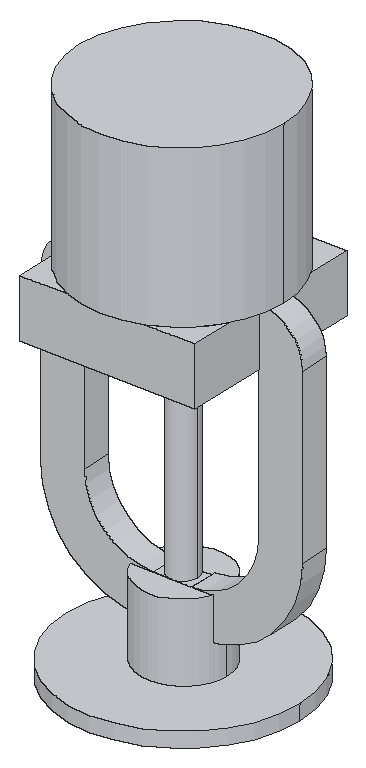
Revit family
Parameters (values of type "RASCO F156 PENDENT")
  Temperature Rating = 135 °F
  Response = (empty or 0)
  RASCO SIN # = "RA1314"
  RASCO Part # = "F56P0C"
  Pressure Rating = "175 PSI"
  Pressure Class = (empty or 0)
  Orifice Size = 1/2"
  Orifice = (empty or 0)
  Model = "F156"
  Manufacturer = "RASCO"
  K-Factor = 5.6
  Description = "Chrome Finish"
  Coverage = (empty or 0)
Reference planes (in)
  plane 1 "Center (Front/Back)": y = 0
  plane 2: z = 0
  plane 3 "Center (Left/Right)": x = 0
Dimensions and locks (in)
  aligned and locked: plane 2 to level
Nested families (in)
  nested 1: "F56P0C" at (-0.0113, 0, 2.4375) x (-1, 0, 0) z (0, 0, -1), type "RASCO F156 PENDENT"
Connectors (in)
  piping at (-0.0113, 0, 2.4375)
    settings: on nested 1, index 1, connector radius 55/128", flow factor 0, pipe flow 0 GPM, pressure drop 0.00 psi, fitting loss kfactor 0, connector angle 0.00°, fixture units 0, flow configuration 0, flow direction 0, fitting loss method 0, system type 7, connector reference index -1, connector utility 0, adjustable connector no, is connector primary yes, fitting loss table "", connector description ""
Definition of nested family "F56P0C"
  Parameters (values of type "RASCO F156 PENDENT")
    Type Comments = ""
    Temperature Rating = 0 °F
    Response = (empty or 0)
    Pressure Rating = "0"
    Pressure Class = (empty or 0)
    Orifice Size = 0"
    Orifice = (empty or 0)
    Model = ""
    Manufacturer = ""
    K-Factor = 0
    Description = ""
    Coverage = (empty or 0)
    Assembly Code = ""
  Reference planes (in)
    plane 1 "Center (Front/Back)": y = 0
    plane 2: z = 0
    plane 3 "ref.2": z = 0.6875
    plane 4 "ref.3": z = 0.9375
    plane 5: x = -0.38065
    plane 6: x = 0.36935
    plane 7 "ref. side 1": y = 0.06402
    plane 8 "ref. side 2": y = -0.06098
    plane 9 "ref.4": z = 1.875
    plane 10 "ref.5": z = 2.3125
    plane 11 "ref.6": z = 2.4375
  Forms (in)
    Extrusion 1, solid
      sketch origin (0, 0, 0) x (1, 0, 0) y (0, 1, 0)
        loop
          circle (0, 0) r 0.4379
      from 0 to 0.6875
    Extrusion 2, solid
      sketch origin (-0.12185, 0.05177, 0.6875) x (1, 0, 0) y (0, 1, 0)
        loop
          line (-0.2588, 0.356) -> (-0.2588, -0.4565) -> (0.4912, -0.4565) -> (0.4912, 0.356) -> (-0.2588, 0.356)
      from 0 to 0.25
    Extrusion 3, solid
      sketch origin (0, 0, 0) x (1, 0, 0) y (0, 0, 1)
        loop
          line (-0.38065, 0.68754) -> (-0.38065, 1.58397)
          arc (-0.38065, 1.58397) -> (-0.29541, 1.78976) -> (-0.08962, 1.875) r 0.29103
          line (-0.08962, 1.875) -> (0.07524, 1.875)
          arc (0.07524, 1.875) -> (0.28321, 1.78886) -> (0.36935, 1.58089) r 0.29411
          line (0.36935, 1.58089) -> (0.36935, 0.68751)
          arc (0.36935, 0.68751) -> (0.50207, 0.74393) -> (0.55685, 0.87734) r 0.18984
          line (0.55685, 0.87734) -> (0.55685, 1.61676)
          arc (0.55685, 1.61676) -> (0.42629, 1.93194) -> (0.11111, 2.0625) r 0.44574
          line (0.11111, 2.0625) -> (-0.12259, 2.0625)
          arc (-0.12259, 2.0625) -> (-0.43765, 1.932) -> (-0.56815, 1.61694) r 0.44556
          line (-0.56815, 1.61694) -> (-0.56815, 0.87876)
          arc (-0.56815, 0.87876) -> (-0.51345, 0.74486) -> (-0.38065, 0.68754) r 0.19126
      from -0.06402 to 0.06098
    Extrusion 4, solid
      sketch origin (0, 0, 0.9375) x (-1, 0, 0) y (0, -1, 0)
        loop
          circle (0.00574, -0.00152) r 0.0625
      from 0 to 0.9375
    Extrusion 5, solid
      sketch origin (0, 0, 1.875) x (-1, 0, 0) y (0, -1, 0)
        loop
          circle (0.00574, -0.00152) r 0.1875
      from 0 to 0.4375
    Extrusion 6, solid
      sketch origin (0, 0, 2.3125) x (0, -1, 0) y (1, 0, 0)
        loop
          circle (-0.00152, -0.00574) r 0.5
      from -0.10531 to -0.03987
  Cuts and joins
    joined: Extrusion 1, Extrusion 2, Extrusion 4
  Lines and regions (in)
    model lines
      curve 1: line (-0.00574, 0.06402, 1.875) -> (-0.00574, -0.06098, 1.875)
